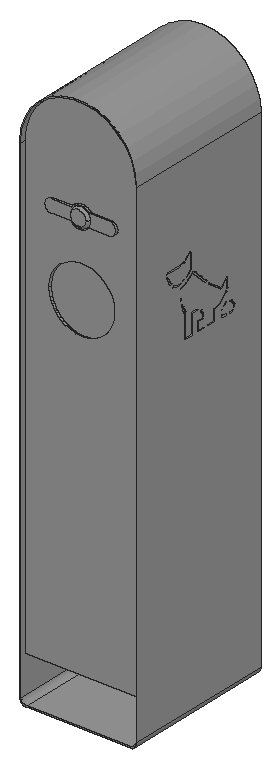
Revit family "Урна для экскрементов «Лайка» Арт 14135", category Антураж, Revit 2018
Family settings
  На основе рабочей плоскости = Нет
  Всегда вертикально = Да
  При загрузке вырезать с полостями = Нет
  Источник визуального образа = Геометрия семейства
  Общий = Нет
  Точка расчета площади = Нет
Parameters (values of type "Урна для экскрементов «Лайка»")
  Ширина = 350 mm  # constant formula
  Цвет урны = Сталь
  Цвет вставоок = Оранжевый
  Описание = "Урна для экскрементов «Лайка»"  # constant formula
  Материал изделия = "Сталь"  # constant formula
  Изображение типоразмера = Урна для экскрементов «Лайка» Арт 14135.jpg
  Изготовитель = "ООО «Хоббика»"  # constant formula
  Длина = 266 mm  # constant formula
  Группа модели = "Оборудование для выгула и дрессировки собак"  # constant formula
  Высота = 1276 mm  # constant formula
  Артикул товара = "Арт. 14135"  # constant formula
  URL = "https://hobbyka.ru/product/urna_dlya_ekskrementov_layka/"
Reference planes
  plane 1 "По центру (Вперед/Назад)": y = 0
  plane 2: z = 0
  plane 3 "По центру (Влево/Вправо)": x = 0
  plane 4: x = 266
  plane 5: y = 350
  plane 6: z = 1276
Forms (mm)
  Extrusion 1, solid, material "Сталь" <- "Цвет урны"
    sketch origin (0, 0, 0) x (1, 0, 0) y (0, 0, 1)
      loop
        line (0, 1143) -> (0, 15)
        arc (0, 15) -> (4.393, 4.393) -> (15, 0) r 15
        line (15, 0) -> (251, 0)
        arc (251, 0) -> (261.607, 4.393) -> (266, 15) r 15
        line (266, 15) -> (266, 1143)
        arc (266, 1143) -> (133, 1276) -> (0, 1143) r 133
      loop
        arc (251, 2) -> (260.192, 5.808) -> (264, 15) r 13
        line (264, 15) -> (264, 1143)
        arc (264, 1143) -> (133, 1274) -> (2, 1143) r 131
        line (2, 1143) -> (2, 15)
        arc (2, 15) -> (5.808, 5.808) -> (15, 2) r 13
        line (15, 2) -> (251, 2)
    from 0 to -350
  Extrusion 2, solid, material "Сталь" <- "Цвет урны"
    sketch origin (0, 0, 0) x (1, 0, 0) y (0, 0, 1)
      loop
        line (2, 102) -> (264, 102) -> (264, 1143)
        arc (264, 1143) -> (133, 1274) -> (2, 1143) r 131
        line (2, 1143) -> (2, 102)
      loop
        circle (133, 864.846) r 75
      loop
        line (113, 1050.251) -> (68, 1050.251)
        arc (68, 1050.251) -> (53, 1035.251) -> (68, 1020.251) r 15
        line (68, 1020.251) -> (113, 1020.251)
        arc (113, 1020.251) -> (133, 1010.251) -> (153, 1020.251) r 25
        line (153, 1020.251) -> (198, 1020.251)
        arc (198, 1020.251) -> (213, 1035.251) -> (198, 1050.251) r 15
        line (198, 1050.251) -> (153, 1050.251)
        arc (153, 1050.251) -> (133, 1060.251) -> (113, 1050.251) r 25
    from -10 to -340
  Extrusion 3, solid, material "Сталь" <- "Цвет урны"
    sketch origin (0, 0, 0) x (1, 0, 0) y (0, 0, 1)
      loop
        circle (133, 864.846) r 75
      loop
        arc (68, 1050.251) -> (53, 1035.251) -> (68, 1020.251) r 15
        line (68, 1020.251) -> (113, 1020.251)
        arc (113, 1020.251) -> (133, 1010.251) -> (153, 1020.251) r 25
        line (153, 1020.251) -> (198, 1020.251)
        arc (198, 1020.251) -> (213, 1035.251) -> (198, 1050.251) r 15
        line (198, 1050.251) -> (153, 1050.251)
        arc (153, 1050.251) -> (133, 1060.251) -> (113, 1050.251) r 25
        line (113, 1050.251) -> (68, 1050.251)
    from -20 to -340
  Extrusion 4, solid, material "Оранжевый" <- "Цвет вставоок"
    sketch origin (0, 0, 0) x (1, 0, 0) y (0, 0, 1)
      loop
        circle (133, 864.846) r 75
    from -15 to -20
  Extrusion 5, solid, material "Оранжевый" <- "Цвет вставоок"
    sketch origin (0, 0, 0) x (1, 0, 0) y (0, 0, 1)
      loop
        arc (68, 1050.251) -> (53, 1035.251) -> (68, 1020.251) r 15
        line (68, 1020.251) -> (113, 1020.251)
        arc (113, 1020.251) -> (133, 1010.251) -> (153, 1020.251) r 25
        line (153, 1020.251) -> (198, 1020.251)
        arc (198, 1020.251) -> (213, 1035.251) -> (198, 1050.251) r 15
        line (198, 1050.251) -> (153, 1050.251)
        arc (153, 1050.251) -> (133, 1060.251) -> (113, 1050.251) r 25
        line (113, 1050.251) -> (68, 1050.251)
    from -5 to -20
  Blend 6, solid, material "Хром"
    base sketch origin (0, 0, 0) x (1, 0, 0) y (0, 0, 1)
      loop
        circle (133, 1035.251) r 22
    top sketch origin (0, 0, 0) x (1, 0, 0) y (0, 0, 1)
      loop
        circle (133, 1035.251) r 17.5
    from -5 to 0
  Extrusion 7, void
    sketch origin (0, 0, 0) x (0, 1, 0) y (0, 0, 1)
      loop
        arc (119.436, 885.808) -> (119.417, 871.175) -> (121.499, 856.691) r 101.619
        line (121.499, 856.691) -> (126.358, 857.877)
        arc (126.358, 857.877) -> (124.544, 869.783) -> (124.225, 881.823) r 96.619
        arc (124.225, 881.823) -> (132.185, 884.377) -> (139.848, 887.718) r 83.157
        line (139.848, 887.718) -> (137.488, 892.128)
        arc (137.488, 892.128) -> (128.656, 888.414) -> (119.436, 885.808) r 78.157
      loop
        arc (98.25, 898.698) -> (109.306, 893.014) -> (121.642, 891.484) r 35.551
        arc (121.642, 891.484) -> (128.509, 893.679) -> (135.127, 896.539) r 73.157
        line (135.127, 896.539) -> (132.766, 900.95)
        arc (132.766, 900.95) -> (126.923, 898.424) -> (120.87, 896.454) r 68.157
        arc (120.87, 896.454) -> (110.859, 897.767) -> (101.824, 902.271) r 30.551
        line (101.824, 902.271) -> (98.25, 898.698)
      loop
        arc (89.429, 923.522) -> (85.583, 924.966) -> (86.422, 928.987) r 3.156
        line (86.422, 928.987) -> (120.501, 928.987)
        arc (120.501, 928.987) -> (127.293, 930.457) -> (133.795, 932.909) r 47.096
        line (133.795, 932.909) -> (131.448, 937.333)
        arc (131.448, 937.333) -> (125.913, 935.263) -> (120.143, 933.987) r 42.096
        line (120.143, 933.987) -> (85.143, 933.987)
        arc (85.143, 933.987) -> (80.192, 926.487) -> (85.143, 918.987) r 8.156
        arc (85.143, 918.987) -> (88.636, 909.848) -> (94.487, 902.006) r 35.551
        line (94.487, 902.006) -> (98.023, 905.541)
        arc (98.023, 905.541) -> (92.218, 913.811) -> (89.429, 923.522) r 30.551
      loop
        line (150.214, 941.807) -> (150.214, 913.191)
        arc (150.214, 913.191) -> (143.992, 907.857) -> (137.174, 903.31) r 68.157
        line (137.174, 903.31) -> (139.535, 898.899)
        arc (139.535, 898.899) -> (147.791, 904.472) -> (155.214, 911.115) r 73.157
        line (155.214, 911.115) -> (155.214, 943.147) -> (149.497, 953.05)
        arc (149.497, 953.05) -> (143.449, 945.58) -> (135.866, 939.676) r 42.096
        line (135.866, 939.676) -> (138.212, 935.252)
        arc (138.212, 935.252) -> (143.889, 939.259) -> (148.915, 944.057) r 47.096
        line (148.915, 944.057) -> (150.214, 941.807)
      loop
        arc (197.216, 867.964) -> (177.07, 886.888) -> (158.794, 907.625) r 293.349
        arc (158.794, 907.625) -> (150.797, 900.475) -> (141.896, 894.488) r 78.157
        line (141.896, 894.488) -> (144.256, 890.078)
        arc (144.256, 890.078) -> (151.567, 894.804) -> (158.344, 900.268) r 83.157
        arc (158.344, 900.268) -> (175.25, 881.597) -> (193.67, 864.417) r 298.349
        line (193.67, 864.417) -> (197.216, 867.964)
      loop
        arc (238.039, 838.738) -> (219.048, 851.024) -> (201.06, 864.736) r 293.349
        line (201.06, 864.736) -> (197.509, 861.185)
        arc (197.509, 861.185) -> (217.571, 845.956) -> (238.846, 832.474) r 298.349
        line (238.846, 832.474) -> (252.568, 846.197)
        arc (252.568, 846.197) -> (242.746, 816.926) -> (215, 803.383) r 39.975
        line (215, 803.383) -> (215, 778.914) -> (197.5, 778.914) -> (197.5, 773.914) -> (220, 773.914) -> (220, 798.914)
        arc (220, 798.914) -> (250.904, 819.562) -> (255.716, 856.416) r 44.975
        line (255.716, 856.416) -> (238.039, 838.738)
      loop
        line (180.931, 817.484) -> (177.392, 813.945)
        arc (177.392, 813.945) -> (182.59, 807.135) -> (185, 798.914) r 23.485
        line (185, 798.914) -> (170, 798.914) -> (170, 773.914) -> (192.5, 773.914) -> (192.5, 778.914) -> (175, 778.914) -> (175, 793.914) -> (190.001, 793.914)
        arc (190.001, 793.914) -> (188.221, 806.759) -> (180.931, 817.484) r 28.485
      loop
        line (151.684, 823.219) -> (151.684, 779.486) -> (136.684, 779.486) -> (136.684, 830.785)
        arc (136.684, 830.785) -> (131.42, 841.617) -> (127.543, 853.02) r 96.619
        line (127.543, 853.02) -> (122.684, 851.834)
        arc (122.684, 851.834) -> (126.52, 840.392) -> (131.684, 829.486) r 101.619
        line (131.684, 829.486) -> (131.684, 774.486) -> (156.684, 774.486) -> (156.684, 819.486)
        arc (156.684, 819.486) -> (165.226, 819.738) -> (173.293, 816.917) r 23.485
        line (173.293, 816.917) -> (176.934, 820.558)
        arc (176.934, 820.558) -> (164.622, 824.857) -> (151.684, 823.219) r 28.485
      loop
        arc (253.511, 802.771) -> (241.011, 796.157) -> (236.011, 782.928) r 20
        arc (236.011, 782.928) -> (237.582, 777.064) -> (241.876, 772.771) r 11.729
        line (241.876, 772.771) -> (253.511, 772.771) -> (253.511, 777.771) -> (243.418, 777.771)
        arc (243.418, 777.771) -> (241.642, 780.082) -> (241.011, 782.928) r 6.729
        arc (241.011, 782.928) -> (244.555, 792.611) -> (253.511, 797.718) r 15
        line (253.511, 797.718) -> (253.511, 802.771)
      loop
        arc (276.011, 782.928) -> (271.011, 796.157) -> (258.511, 802.771) r 20
        line (258.511, 802.771) -> (258.511, 797.718)
        arc (258.511, 797.718) -> (267.467, 792.611) -> (271.011, 782.928) r 15
        arc (271.011, 782.928) -> (270.38, 780.082) -> (268.604, 777.771) r 6.729
        line (268.604, 777.771) -> (258.511, 777.771) -> (258.511, 772.771) -> (270.147, 772.771)
        arc (270.147, 772.771) -> (274.44, 777.064) -> (276.011, 782.928) r 11.729
    from 0 to 2
  Extrusion 8, void
    sketch origin (0, 0, 0) x (0, 1, 0) y (0, 0, 1)
      loop
        arc (119.436, 885.808) -> (119.417, 871.175) -> (121.499, 856.691) r 101.619
        line (121.499, 856.691) -> (126.358, 857.877)
        arc (126.358, 857.877) -> (124.544, 869.783) -> (124.225, 881.823) r 96.619
        arc (124.225, 881.823) -> (132.185, 884.377) -> (139.848, 887.718) r 83.157
        line (139.848, 887.718) -> (137.488, 892.128)
        arc (137.488, 892.128) -> (128.656, 888.414) -> (119.436, 885.808) r 78.157
      loop
        arc (98.25, 898.698) -> (109.306, 893.014) -> (121.642, 891.484) r 35.551
        arc (121.642, 891.484) -> (128.509, 893.679) -> (135.127, 896.539) r 73.157
        line (135.127, 896.539) -> (132.766, 900.95)
        arc (132.766, 900.95) -> (126.923, 898.424) -> (120.87, 896.454) r 68.157
        arc (120.87, 896.454) -> (110.859, 897.767) -> (101.824, 902.271) r 30.551
        line (101.824, 902.271) -> (98.25, 898.698)
      loop
        arc (89.429, 923.522) -> (85.583, 924.966) -> (86.422, 928.987) r 3.156
        line (86.422, 928.987) -> (120.501, 928.987)
        arc (120.501, 928.987) -> (127.293, 930.457) -> (133.795, 932.909) r 47.096
        line (133.795, 932.909) -> (131.448, 937.333)
        arc (131.448, 937.333) -> (125.913, 935.263) -> (120.143, 933.987) r 42.096
        line (120.143, 933.987) -> (85.143, 933.987)
        arc (85.143, 933.987) -> (80.192, 926.487) -> (85.143, 918.987) r 8.156
        arc (85.143, 918.987) -> (88.636, 909.848) -> (94.487, 902.006) r 35.551
        line (94.487, 902.006) -> (98.023, 905.541)
        arc (98.023, 905.541) -> (92.218, 913.811) -> (89.429, 923.522) r 30.551
      loop
        line (150.214, 941.807) -> (150.214, 913.191)
        arc (150.214, 913.191) -> (143.992, 907.857) -> (137.174, 903.31) r 68.157
        line (137.174, 903.31) -> (139.535, 898.899)
        arc (139.535, 898.899) -> (147.791, 904.472) -> (155.214, 911.115) r 73.157
        line (155.214, 911.115) -> (155.214, 943.147) -> (149.497, 953.05)
        arc (149.497, 953.05) -> (143.449, 945.58) -> (135.866, 939.676) r 42.096
        line (135.866, 939.676) -> (138.212, 935.252)
        arc (138.212, 935.252) -> (143.889, 939.259) -> (148.915, 944.057) r 47.096
        line (148.915, 944.057) -> (150.214, 941.807)
      loop
        arc (197.216, 867.964) -> (177.07, 886.888) -> (158.794, 907.625) r 293.349
        arc (158.794, 907.625) -> (150.797, 900.475) -> (141.896, 894.488) r 78.157
        line (141.896, 894.488) -> (144.256, 890.078)
        arc (144.256, 890.078) -> (151.567, 894.804) -> (158.344, 900.268) r 83.157
        arc (158.344, 900.268) -> (175.25, 881.597) -> (193.67, 864.417) r 298.349
        line (193.67, 864.417) -> (197.216, 867.964)
      loop
        arc (238.039, 838.738) -> (219.048, 851.024) -> (201.06, 864.736) r 293.349
        line (201.06, 864.736) -> (197.509, 861.185)
        arc (197.509, 861.185) -> (217.571, 845.956) -> (238.846, 832.474) r 298.349
        line (238.846, 832.474) -> (252.568, 846.197)
        arc (252.568, 846.197) -> (242.746, 816.926) -> (215, 803.383) r 39.975
        line (215, 803.383) -> (215, 778.914) -> (197.5, 778.914) -> (197.5, 773.914) -> (220, 773.914) -> (220, 798.914)
        arc (220, 798.914) -> (250.904, 819.562) -> (255.716, 856.416) r 44.975
        line (255.716, 856.416) -> (238.039, 838.738)
      loop
        line (180.931, 817.484) -> (177.392, 813.945)
        arc (177.392, 813.945) -> (182.59, 807.135) -> (185, 798.914) r 23.485
        line (185, 798.914) -> (170, 798.914) -> (170, 773.914) -> (192.5, 773.914) -> (192.5, 778.914) -> (175, 778.914) -> (175, 793.914) -> (190.001, 793.914)
        arc (190.001, 793.914) -> (188.221, 806.759) -> (180.931, 817.484) r 28.485
      loop
        line (151.684, 823.219) -> (151.684, 779.486) -> (136.684, 779.486) -> (136.684, 830.785)
        arc (136.684, 830.785) -> (131.42, 841.617) -> (127.543, 853.02) r 96.619
        line (127.543, 853.02) -> (122.684, 851.834)
        arc (122.684, 851.834) -> (126.52, 840.392) -> (131.684, 829.486) r 101.619
        line (131.684, 829.486) -> (131.684, 774.486) -> (156.684, 774.486) -> (156.684, 819.486)
        arc (156.684, 819.486) -> (165.226, 819.738) -> (173.293, 816.917) r 23.485
        line (173.293, 816.917) -> (176.934, 820.558)
        arc (176.934, 820.558) -> (164.622, 824.857) -> (151.684, 823.219) r 28.485
      loop
        arc (253.511, 802.771) -> (241.011, 796.157) -> (236.011, 782.928) r 20
        arc (236.011, 782.928) -> (237.582, 777.064) -> (241.876, 772.771) r 11.729
        line (241.876, 772.771) -> (253.511, 772.771) -> (253.511, 777.771) -> (243.418, 777.771)
        arc (243.418, 777.771) -> (241.642, 780.082) -> (241.011, 782.928) r 6.729
        arc (241.011, 782.928) -> (244.555, 792.611) -> (253.511, 797.718) r 15
        line (253.511, 797.718) -> (253.511, 802.771)
      loop
        arc (276.011, 782.928) -> (271.011, 796.157) -> (258.511, 802.771) r 20
        line (258.511, 802.771) -> (258.511, 797.718)
        arc (258.511, 797.718) -> (267.467, 792.611) -> (271.011, 782.928) r 15
        arc (271.011, 782.928) -> (270.38, 780.082) -> (268.604, 777.771) r 6.729
        line (268.604, 777.771) -> (258.511, 777.771) -> (258.511, 772.771) -> (270.147, 772.771)
        arc (270.147, 772.771) -> (274.44, 777.064) -> (276.011, 782.928) r 11.729
    from 264 to 266
Cuts and joins
  Extrusion 7, Extrusion 8 cuts Extrusion 2
  Extrusion 7, Extrusion 8 cuts Extrusion 3
  joined: Extrusion 2, Extrusion 3
  Extrusion 7, Extrusion 8 cuts Extrusion 1
Dimensions and locks
  "Длина": plane 3 "По центру (Влево/Вправо)" to plane 4
  "Ширина": plane 5 to plane 1 "По центру (Вперед/Назад)"
  "Высота": plane 6 to plane 2
  aligned and locked: level to plane 2
Automatic sketch dimensions
  Extrusion 1 sketch curve to Extrusion 1 sketch curve = 0 mm  (x6)
  Extrusion 1 sketch curve to plane 3 "По центру (Влево/Вправо)" = 0 mm
  Extrusion 1 sketch curve to level = 0 mm
  Extrusion 1 sketch curve to plane 4 = 0 mm
  Extrusion 1 sketch curve to Extrusion 1 sketch curve = 2 mm
  plane 3 "По центру (Влево/Вправо)" to Extrusion 1 sketch curve = 15 mm
  Extrusion 1 sketch curve to plane 4 = 15 mm
  Extrusion 1 sketch curve to plane 6 = 133 mm
  Extrusion 2 sketch curve to Extrusion 2 sketch curve = 0 mm  (x3)
  plane 3 "По центру (Влево/Вправо)" to Extrusion 2 sketch curve = 2 mm
  plane 3 "По центру (Влево/Вправо)" to Extrusion 2 sketch curve = 68 mm
  Extrusion 2 sketch curve to Extrusion 2 sketch curve = 45 mm  (x2)
  plane 3 "По центру (Влево/Вправо)" to Extrusion 2 sketch curve = 133 mm
  Extrusion 2 sketch curve to Extrusion 2 sketch curve = 20 mm  (x4)
  level to Extrusion 2 sketch curve = 102 mm
  Extrusion 2 sketch curve to plane 6 = 411.154 mm
  Extrusion 2 sketch curve to Extrusion 2 sketch curve = 155.405 mm
  Extrusion 2 sketch curve to Extrusion 2 sketch curve = 15 mm  (x2)
  Extrusion 2 sketch curve to Extrusion 2 sketch curve = 92.749 mm
  Extrusion 3 sketch curve to Extrusion 3 sketch curve = 0 mm  (x5)
  plane 3 "По центру (Влево/Вправо)" to Extrusion 3 sketch curve = 68 mm
  Extrusion 3 sketch curve to Extrusion 3 sketch curve = 45 mm  (x2)
  plane 3 "По центру (Влево/Вправо)" to Extrusion 3 sketch curve = 133 mm
  Extrusion 3 sketch curve to Extrusion 3 sketch curve = 20 mm  (x3)
  Extrusion 3 sketch curve to plane 6 = 411.154 mm
  Extrusion 3 sketch curve to Extrusion 3 sketch curve = 155.405 mm
  Extrusion 3 sketch curve to Extrusion 3 sketch curve = 15 mm  (x2)
  plane 3 "По центру (Влево/Вправо)" to Extrusion 3 sketch curve = 58 mm
  Extrusion 4 sketch curve to Extrusion 4 sketch curve = 0 mm  (x2)
  plane 3 "По центру (Влево/Вправо)" to Extrusion 4 sketch curve = 133 mm
  Extrusion 4 sketch curve to plane 6 = 411.154 mm
  plane 3 "По центру (Влево/Вправо)" to Extrusion 4 sketch curve = 58 mm
  Extrusion 5 sketch curve to Extrusion 5 sketch curve = 0 mm  (x3)
  plane 3 "По центру (Влево/Вправо)" to Extrusion 5 sketch curve = 68 mm
  Extrusion 5 sketch curve to Extrusion 5 sketch curve = 45 mm  (x2)
  Extrusion 5 sketch curve to Extrusion 5 sketch curve = 20 mm  (x3)
  Extrusion 5 sketch curve to plane 6 = 255.749 mm
  Extrusion 5 sketch curve to Extrusion 5 sketch curve = 15 mm  (x2)
  plane 3 "По центру (Влево/Вправо)" to Blend 6 sketch curve = 133 mm  (x2)
  Blend 6 sketch curve to plane 6 = 240.749 mm  (x2)
  Extrusion 7 sketch curve to Extrusion 7 sketch curve = 0 mm  (x139)
  Extrusion 7 sketch curve to plane 1 "По центру (Вперед/Назад)" = 85.143 mm
  Extrusion 7 sketch curve to Extrusion 7 sketch curve = 1.279 mm
  Extrusion 7 sketch curve to Extrusion 7 sketch curve = 1.926 mm
  Extrusion 7 sketch curve to Extrusion 7 sketch curve = 6.139 mm
  Extrusion 7 sketch curve to Extrusion 7 sketch curve = 3.536 mm  (x2)
  Extrusion 7 sketch curve to Extrusion 7 sketch curve = 3.763 mm
  Extrusion 7 sketch curve to Extrusion 7 sketch curve = 3.801 mm
  Extrusion 7 sketch curve to Extrusion 7 sketch curve = 17.685 mm
  Extrusion 7 sketch curve to Extrusion 7 sketch curve = 11.14 mm
  Extrusion 7 sketch curve to Extrusion 7 sketch curve = 21.76 mm
  Extrusion 7 sketch curve to Extrusion 7 sketch curve = 0.36 mm
  Extrusion 7 sketch curve to Extrusion 7 sketch curve = 0.719 mm
  Extrusion 7 sketch curve to Extrusion 7 sketch curve = 23.248 mm
  Extrusion 7 sketch curve to Extrusion 7 sketch curve = 1.186 mm  (x2)
  Extrusion 7 sketch curve to Extrusion 7 sketch curve = 4.859 mm
  Extrusion 7 sketch curve to Extrusion 7 sketch curve = 11.305 mm
  Extrusion 7 sketch curve to Extrusion 7 sketch curve = 9 mm
  Extrusion 7 sketch curve to Extrusion 7 sketch curve = 12.983 mm
  Extrusion 7 sketch curve to Extrusion 7 sketch curve = 2.346 mm
  Extrusion 7 sketch curve to Extrusion 7 sketch curve = 2.361 mm  (x3)
  Extrusion 7 sketch curve to Extrusion 7 sketch curve = 4.417 mm  (x2)
  Extrusion 7 sketch curve to Extrusion 7 sketch curve = 5 mm  (x15)
  Extrusion 7 sketch curve to Extrusion 7 sketch curve = 4.408 mm  (x4)
  Extrusion 7 sketch curve to Extrusion 7 sketch curve = 13.049 mm
  Extrusion 7 sketch curve to Extrusion 7 sketch curve = 0.582 mm
  Extrusion 7 sketch curve to Extrusion 7 sketch curve = 1.299 mm
  Extrusion 7 sketch curve to Extrusion 7 sketch curve = 15 mm  (x2)
  Extrusion 7 sketch curve to Extrusion 7 sketch curve = 9.952 mm
  Extrusion 7 sketch curve to Extrusion 7 sketch curve = 13.316 mm
  Extrusion 7 sketch curve to Extrusion 7 sketch curve = 16.609 mm
  Extrusion 7 sketch curve to Extrusion 7 sketch curve = 3.641 mm
  Extrusion 7 sketch curve to Extrusion 7 sketch curve = 4.099 mm
  Extrusion 7 sketch curve to Extrusion 7 sketch curve = 3.539 mm
  Extrusion 7 sketch curve to Extrusion 7 sketch curve = 10 mm
  Extrusion 7 sketch curve to Extrusion 7 sketch curve = 5.001 mm
  Extrusion 7 sketch curve to Extrusion 7 sketch curve = 17.5 mm  (x2)
  Extrusion 7 sketch curve to Extrusion 7 sketch curve = 16.736 mm
  Extrusion 7 sketch curve to Extrusion 7 sketch curve = 3.546 mm  (x2)
  Extrusion 7 sketch curve to Extrusion 7 sketch curve = 3.839 mm
  Extrusion 7 sketch curve to Extrusion 7 sketch curve = 3.844 mm
  Extrusion 7 sketch curve to Extrusion 7 sketch curve = 15.19 mm
  Extrusion 7 sketch curve to Extrusion 7 sketch curve = 19.722 mm
  Extrusion 7 sketch curve to Extrusion 7 sketch curve = 25.34 mm
  Extrusion 7 sketch curve to Extrusion 7 sketch curve = 0.807 mm
  Extrusion 7 sketch curve to Extrusion 7 sketch curve = 21.876 mm
  Extrusion 7 sketch curve to Extrusion 7 sketch curve = 1.543 mm  (x2)
  Extrusion 7 sketch curve to Extrusion 7 sketch curve = 4.322 mm  (x2)
  Extrusion 7 sketch curve to Extrusion 7 sketch curve = 14.529 mm
  Extrusion 7 sketch curve to Extrusion 7 sketch curve = 10.093 mm
  Extrusion 7 sketch curve to Extrusion 7 sketch curve = 5.771 mm  (x2)
  Extrusion 7 sketch curve to Extrusion 7 sketch curve = 3.148 mm
  Extrusion 7 sketch curve to Extrusion 7 sketch curve = 2.5 mm
  plane 5 to Extrusion 7 sketch curve = 37.764 mm
  Extrusion 7 sketch curve to plane 6 = 503.229 mm
  Extrusion 7 sketch curve to Extrusion 7 sketch curve = 1.143 mm  (x2)
  Extrusion 7 sketch curve to Extrusion 7 sketch curve = 0.572 mm
  Extrusion 7 sketch curve to Extrusion 7 sketch curve = 5.158 mm
  Extrusion 7 sketch curve to Extrusion 7 sketch curve = 2.616 mm
  Extrusion 7 sketch curve to Extrusion 7 sketch curve = 14.79 mm
  Extrusion 7 sketch curve to Extrusion 7 sketch curve = 20 mm
  Extrusion 7 sketch curve to Extrusion 7 sketch curve = 5.053 mm
  Extrusion 7 sketch curve to Extrusion 7 sketch curve = 4.47 mm
  Extrusion 7 sketch curve to Extrusion 7 sketch curve = 2.972 mm
  Extrusion 7 sketch curve to Extrusion 7 sketch curve = 3.074 mm
  Extrusion 7 sketch curve to Extrusion 7 sketch curve = 6.267 mm
  Extrusion 7 sketch curve to Extrusion 7 sketch curve = 1.298 mm
  Extrusion 7 sketch curve to Extrusion 7 sketch curve = 29.703 mm
  Extrusion 7 sketch curve to Extrusion 7 sketch curve = 6.264 mm
  Extrusion 7 sketch curve to Extrusion 7 sketch curve = 4.554 mm
  Extrusion 7 sketch curve to Extrusion 7 sketch curve = 22.347 mm
  Extrusion 7 sketch curve to Extrusion 7 sketch curve = 4.857 mm  (x2)
  Extrusion 7 sketch curve to Extrusion 7 sketch curve = 17.893 mm
  Extrusion 7 sketch curve to Extrusion 7 sketch curve = 3.233 mm
  Extrusion 7 sketch curve to Extrusion 7 sketch curve = 29.841 mm
  Extrusion 7 sketch curve to Extrusion 7 sketch curve = 2.36 mm  (x4)
  Extrusion 7 sketch curve to Extrusion 7 sketch curve = 4.41 mm
  Extrusion 7 sketch curve to Extrusion 7 sketch curve = 4.411 mm  (x2)
  Extrusion 7 sketch curve to Extrusion 7 sketch curve = 2.159 mm
  Extrusion 7 sketch curve to Extrusion 7 sketch curve = 3.308 mm
  Extrusion 7 sketch curve to Extrusion 7 sketch curve = 3.573 mm
  Extrusion 7 sketch curve to Extrusion 7 sketch curve = 7.805 mm
  Extrusion 7 sketch curve to Extrusion 7 sketch curve = 20.946 mm
  Extrusion 7 sketch curve to Extrusion 7 sketch curve = 26.036 mm
  Extrusion 7 sketch curve to Extrusion 7 sketch curve = 2.001 mm
  Extrusion 7 sketch curve to Extrusion 7 sketch curve = 3.921 mm
  Extrusion 7 sketch curve to Extrusion 7 sketch curve = 2.343 mm  (x2)
  Extrusion 7 sketch curve to Extrusion 7 sketch curve = 2.25 mm
  Extrusion 7 sketch curve to Extrusion 7 sketch curve = 1.34 mm
  Extrusion 8 sketch curve to Extrusion 8 sketch curve = 0 mm  (x139)
  Extrusion 8 sketch curve to plane 1 "По центру (Вперед/Назад)" = 85.143 mm
  Extrusion 8 sketch curve to Extrusion 8 sketch curve = 1.279 mm
  Extrusion 8 sketch curve to Extrusion 8 sketch curve = 1.926 mm
  Extrusion 8 sketch curve to Extrusion 8 sketch curve = 6.139 mm
  Extrusion 8 sketch curve to Extrusion 8 sketch curve = 3.536 mm  (x2)
  Extrusion 8 sketch curve to Extrusion 8 sketch curve = 3.763 mm
  Extrusion 8 sketch curve to Extrusion 8 sketch curve = 3.801 mm
  Extrusion 8 sketch curve to Extrusion 8 sketch curve = 17.685 mm
  Extrusion 8 sketch curve to Extrusion 8 sketch curve = 11.14 mm
  Extrusion 8 sketch curve to Extrusion 8 sketch curve = 21.76 mm
  Extrusion 8 sketch curve to Extrusion 8 sketch curve = 0.36 mm
  Extrusion 8 sketch curve to Extrusion 8 sketch curve = 0.719 mm
  Extrusion 8 sketch curve to Extrusion 8 sketch curve = 23.248 mm
  Extrusion 8 sketch curve to Extrusion 8 sketch curve = 1.186 mm  (x2)
  Extrusion 8 sketch curve to Extrusion 8 sketch curve = 4.859 mm
  Extrusion 8 sketch curve to Extrusion 8 sketch curve = 11.305 mm
  Extrusion 8 sketch curve to Extrusion 8 sketch curve = 9 mm
  Extrusion 8 sketch curve to Extrusion 8 sketch curve = 12.983 mm
  Extrusion 8 sketch curve to Extrusion 8 sketch curve = 2.346 mm
  Extrusion 8 sketch curve to Extrusion 8 sketch curve = 2.361 mm  (x3)
  Extrusion 8 sketch curve to Extrusion 8 sketch curve = 4.417 mm  (x2)
  Extrusion 8 sketch curve to Extrusion 8 sketch curve = 5 mm  (x15)
  Extrusion 8 sketch curve to Extrusion 8 sketch curve = 4.408 mm  (x4)
  Extrusion 8 sketch curve to Extrusion 8 sketch curve = 13.049 mm
  Extrusion 8 sketch curve to Extrusion 8 sketch curve = 0.582 mm
  Extrusion 8 sketch curve to Extrusion 8 sketch curve = 1.299 mm
  Extrusion 8 sketch curve to Extrusion 8 sketch curve = 15 mm  (x2)
  Extrusion 8 sketch curve to Extrusion 8 sketch curve = 9.952 mm
  Extrusion 8 sketch curve to Extrusion 8 sketch curve = 13.316 mm
  Extrusion 8 sketch curve to Extrusion 8 sketch curve = 16.609 mm
  Extrusion 8 sketch curve to Extrusion 8 sketch curve = 3.641 mm
  Extrusion 8 sketch curve to Extrusion 8 sketch curve = 4.099 mm
  Extrusion 8 sketch curve to Extrusion 8 sketch curve = 3.539 mm
  Extrusion 8 sketch curve to Extrusion 8 sketch curve = 10 mm
  Extrusion 8 sketch curve to Extrusion 8 sketch curve = 5.001 mm
  Extrusion 8 sketch curve to Extrusion 8 sketch curve = 17.5 mm  (x2)
  Extrusion 8 sketch curve to Extrusion 8 sketch curve = 16.736 mm
  Extrusion 8 sketch curve to Extrusion 8 sketch curve = 3.546 mm  (x2)
  Extrusion 8 sketch curve to Extrusion 8 sketch curve = 3.839 mm
  Extrusion 8 sketch curve to Extrusion 8 sketch curve = 3.844 mm
  Extrusion 8 sketch curve to Extrusion 8 sketch curve = 15.19 mm
  Extrusion 8 sketch curve to Extrusion 8 sketch curve = 19.722 mm
  Extrusion 8 sketch curve to Extrusion 8 sketch curve = 25.34 mm
  Extrusion 8 sketch curve to Extrusion 8 sketch curve = 0.807 mm
  Extrusion 8 sketch curve to Extrusion 8 sketch curve = 21.876 mm
  Extrusion 8 sketch curve to Extrusion 8 sketch curve = 1.543 mm  (x2)
  Extrusion 8 sketch curve to Extrusion 8 sketch curve = 4.322 mm  (x2)
  Extrusion 8 sketch curve to Extrusion 8 sketch curve = 14.529 mm
  Extrusion 8 sketch curve to Extrusion 8 sketch curve = 10.093 mm
  Extrusion 8 sketch curve to Extrusion 8 sketch curve = 5.771 mm  (x2)
  Extrusion 8 sketch curve to Extrusion 8 sketch curve = 3.148 mm
  Extrusion 8 sketch curve to Extrusion 8 sketch curve = 2.5 mm
  plane 5 to Extrusion 8 sketch curve = 37.764 mm
  Extrusion 8 sketch curve to plane 6 = 503.229 mm
  Extrusion 8 sketch curve to Extrusion 8 sketch curve = 1.143 mm  (x2)
  Extrusion 8 sketch curve to Extrusion 8 sketch curve = 0.572 mm
  Extrusion 8 sketch curve to Extrusion 8 sketch curve = 5.158 mm
  Extrusion 8 sketch curve to Extrusion 8 sketch curve = 2.616 mm
  Extrusion 8 sketch curve to Extrusion 8 sketch curve = 14.79 mm
  Extrusion 8 sketch curve to Extrusion 8 sketch curve = 20 mm
  Extrusion 8 sketch curve to Extrusion 8 sketch curve = 5.053 mm
  Extrusion 8 sketch curve to Extrusion 8 sketch curve = 4.47 mm
  Extrusion 8 sketch curve to Extrusion 8 sketch curve = 2.972 mm
  Extrusion 8 sketch curve to Extrusion 8 sketch curve = 3.074 mm
  Extrusion 8 sketch curve to Extrusion 8 sketch curve = 6.267 mm
  Extrusion 8 sketch curve to Extrusion 8 sketch curve = 1.298 mm
  Extrusion 8 sketch curve to Extrusion 8 sketch curve = 29.703 mm
  Extrusion 8 sketch curve to Extrusion 8 sketch curve = 6.264 mm
  Extrusion 8 sketch curve to Extrusion 8 sketch curve = 4.554 mm
  Extrusion 8 sketch curve to Extrusion 8 sketch curve = 22.347 mm
  Extrusion 8 sketch curve to Extrusion 8 sketch curve = 4.857 mm  (x2)
  Extrusion 8 sketch curve to Extrusion 8 sketch curve = 17.893 mm
  Extrusion 8 sketch curve to Extrusion 8 sketch curve = 3.233 mm
  Extrusion 8 sketch curve to Extrusion 8 sketch curve = 29.841 mm
  Extrusion 8 sketch curve to Extrusion 8 sketch curve = 2.36 mm  (x4)
  Extrusion 8 sketch curve to Extrusion 8 sketch curve = 4.41 mm
  Extrusion 8 sketch curve to Extrusion 8 sketch curve = 4.411 mm  (x2)
  Extrusion 8 sketch curve to Extrusion 8 sketch curve = 2.159 mm
  Extrusion 8 sketch curve to Extrusion 8 sketch curve = 3.308 mm
  Extrusion 8 sketch curve to Extrusion 8 sketch curve = 3.573 mm
  Extrusion 8 sketch curve to Extrusion 8 sketch curve = 7.805 mm
  Extrusion 8 sketch curve to Extrusion 8 sketch curve = 20.946 mm
  Extrusion 8 sketch curve to Extrusion 8 sketch curve = 26.036 mm
  Extrusion 8 sketch curve to Extrusion 8 sketch curve = 2.001 mm
  Extrusion 8 sketch curve to Extrusion 8 sketch curve = 3.921 mm
  Extrusion 8 sketch curve to Extrusion 8 sketch curve = 2.343 mm  (x2)
  Extrusion 8 sketch curve to Extrusion 8 sketch curve = 2.25 mm
  Extrusion 8 sketch curve to Extrusion 8 sketch curve = 1.34 mm
  radius of Extrusion 2 sketch curve = 75 mm
  radius of Blend 6 sketch curve = 22 mm
  radius of Blend 6 sketch curve = 17.5 mm
